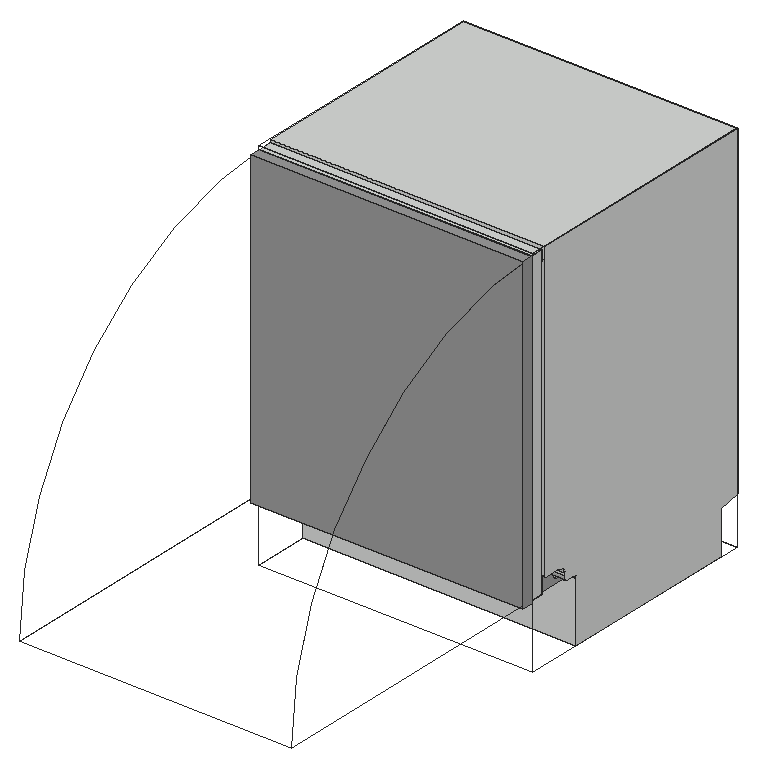
Revit family "DW24U2I3 DRAFT", category Specialty Equipment, Revit 2020
Family settings
  Round Connector Dimension = Use Diameter
  Part Type = Normal
  Work Plane-Based = Yes
  Always vertical = No
  Cut with Voids When Loaded = Yes
  Shared = No
  Room Calculation Point = No
Parameters (values of type "DW24U2I3")
  URL = "www.fisherpaykel.com"
  Product - Width = 598 mm
  Product - Minimum Height (820mm - 880mm) = 820 mm
  Product - Depth = 550.399 mm
  Model = "DW24U2I3"
  Manufacturer = "Fisher & Paykel Appliances"
  Description = "Series 7, Integrated Dishwasher"
  Default Elevation = 0 mm
  Cavity - Width = 600 mm
  Cavity - Minimum Height = 822 mm
  Cavity - Depth = 560 mm
Reference planes
  plane 1 "Center (Front/Back)": y = 0
  plane 2: z = 0
  plane 3 "Center (Left/Right)": x = 0
  plane 4 "Product - LHS": x = -299
  plane 5 "Product - RHS": x = 299
  plane 6 "Cavity - RHS": x = 300
  plane 7 "Cavity - LHS": x = -300
  plane 8 "Product - Depth": y = 550.399
  plane 9 "Cavity - Depth": y = 560
  plane 10 "Product - Height": z = 820
  plane 11 "Cavity - Height": z = 822
  plane 12: x = -297
  plane 13: x = 297
  plane 14: x = 283.35
  plane 15: x = -283.348
  plane 16: z = 133.9
Forms (mm)
  Extrusion 1, solid, not visible
    sketch origin (-149.236, 268.236, 0) x (0, 1, 0) y (1, 0, 0)
      loop
        line (-528.472, 298.472) -> (-528.472, 0) -> (0, 0) -> (0, 298.472) -> (-528.472, 298.472)
    from 0 to -4
  Extrusion 2, solid, not visible
    sketch origin (-149.236, 268.236, 4) x (0, 1, 0) y (-1, 0, 0)
      loop
        line (-86.236, -44.236) -> (-86.236, -229.236) -> (-46.236, -229.236) -> (-46.236, -44.236) -> (-86.236, -44.236)
      loop
        line (-60.236, -234.236) -> (-82.236, -234.236) -> (-82.236, -276.236) -> (-60.236, -276.236) -> (-60.236, -234.236)
    from 0 to -2.95
  Extrusion 3, solid, material "Fisher & Paykel - Steel Galvanized"
    sketch origin (0, 0, 1.153) x (0, 1, 0) y (0, 0, 1)
      loop
        line (33.136, 818.847) -> (33.136, 175.828)
        arc (33.136, 175.828) -> (35.471, 171.586) -> (40.009, 169.899) r 6.948
        line (40.009, 169.899) -> (73.309, 169.899)
        arc (73.309, 169.899) -> (83.414, 165.713) -> (87.599, 155.609) r 14.29
        line (87.599, 155.609) -> (87.599, 149.6)
        arc (87.599, 149.6) -> (90.733, 142.034) -> (98.299, 138.9) r 10.7
        line (98.299, 138.9) -> (112.488, 138.9)
        arc (112.488, 138.9) -> (117.453, 136.844) -> (119.51, 131.879) r 7.021
        line (119.51, 131.879) -> (119.51, 0) -> (515, 0) -> (515, 93.344) -> (560, 103.733) -> (560, 818.847) -> (33.136, 818.847)
    from -299 to 299
  Extrusion 4, solid, material "Fisher & Paykel - Steel Galvanized"
    sketch origin (0, 0, 1.153) x (0, 1, 0) y (0, 0, 1)
      loop
        line (0, 814.371) -> (0, 138.269) -> (28.696, 138.269) -> (28.696, 814.371) -> (0, 814.371)
    from -297 to 297
  Extrusion 5, solid, material "Default"
    sketch origin (283.35, -1524, 138.163) x (0, 0, 1) y (0, -1, 0)
      loop
        line (21.116, -1592.427) -> (32.889, -1592.427) -> (32.889, -1564.009)
        arc (32.889, -1564.009) -> (34.282, -1559.837) -> (37.901, -1557.336) r 6.948
        line (37.901, -1557.336) -> (37.901, -1552.696) -> (6.291, -1552.696)
        arc (6.291, -1552.696) -> (5.463, -1554.918) -> (3.304, -1555.899) r 3.09
        arc (3.304, -1555.899) -> (1.534, -1556.273) -> (0.001, -1557.234) r 5.18
        line (0.001, -1557.234) -> (-2.107, -1560.359)
        arc (-2.107, -1560.359) -> (-2.921, -1562.145) -> (-3.109, -1564.099) r 5.945
        line (-3.109, -1564.099) -> (-3.109, -1647.213)
        arc (-3.109, -1647.213) -> (0.504, -1644.678) -> (1.891, -1640.488) r 7.021
        line (1.891, -1640.488) -> (1.891, -1615.977) -> (4.058, -1613.809)
        arc (4.058, -1613.809) -> (5.054, -1612.503) -> (5.669, -1610.98) r 6.153
        line (5.669, -1610.98) -> (5.669, -1603.349) -> (21.116, -1592.427)
    from 1.281 to -1.259
  Extrusion 6, solid, material "Default"
    sketch origin (-283.348, -1524, 203.352) x (0, 0, -1) y (0, -1, 0)
      loop
        line (43.884, -1592.427) -> (59.331, -1603.349) -> (59.331, -1610.98)
        arc (59.331, -1610.98) -> (59.946, -1612.503) -> (60.942, -1613.809) r 6.153
        line (60.942, -1613.809) -> (63.109, -1615.977) -> (63.109, -1640.488)
        arc (63.109, -1640.488) -> (64.496, -1644.678) -> (68.109, -1647.213) r 7.021
        line (68.109, -1647.213) -> (68.109, -1564.099)
        arc (68.109, -1564.099) -> (67.921, -1562.145) -> (67.107, -1560.359) r 5.945
        line (67.107, -1560.359) -> (64.999, -1557.234)
        arc (64.999, -1557.234) -> (63.466, -1556.273) -> (61.696, -1555.899) r 5.18
        arc (61.696, -1555.899) -> (59.537, -1554.918) -> (58.709, -1552.696) r 3.09
        line (58.709, -1552.696) -> (27.099, -1552.696) -> (27.099, -1557.336)
        arc (27.099, -1557.336) -> (30.718, -1559.837) -> (32.111, -1564.009) r 6.948
        line (32.111, -1564.009) -> (32.111, -1592.427) -> (43.884, -1592.427)
    from 1.281 to -1.259
  Extrusion 7, solid, material "Fisher & Paykel - Steel Galvanized"
    sketch origin (0, 33.136, 176.982) x (0, 0, 1) y (-1, 0, 0)
      loop
        line (-0.728, -297.492) -> (617.389, -297.492) -> (617.389, 297.492) -> (-0.728, 297.492) -> (-0.728, -297.492)
    from 0 to 4.44
  Extrusion 8, solid
    sketch origin (-0.236, 123.6, 1.153) x (1, 0, 0) y (0, -1, 0)
      loop
        circle (249.706, -361.126) r 13.445
      loop
        circle (237.804, -20.313) r 13.445
      loop
        circle (-237.951, -20.313) r 13.445
      loop
        circle (-249.858, -361.284) r 13.445
    from 0 to 1.153
  Extrusion 9, solid, material "Oak, White"
    sketch origin (0, 0, 139.423) x (0, 0, 1) y (-1, 0, 0)
      loop
        line (676.101, 297.5) -> (-3.969, 297.5) -> (-3.969, -297.5) -> (676.101, -297.5) -> (676.101, 297.5)
    from 0 to 25
  Extrusion 10, solid, material "Fisher & Paykel - Clearance Required"
    sketch origin (0, 0, 0) x (1, 0, 0) y (0, 1, 0)
      loop
        line (-300, 560) -> (-300, 0) -> (300, 0) -> (300, 560) -> (-300, 560)
    from 0 to 822
  Extrusion 11, void
    sketch origin (0, 0, 0) x (1, 0, 0) y (0, 1, 0)
      loop
        line (-300, 560) -> (-300, 0) -> (300, 0) -> (300, 560) -> (-300, 560)
    from 0 to 822
  Extrusion 12, solid, material "Fisher & Paykel - Clearance Required"
    sketch origin (297.5, 4, 854.805) x (0, 0, -1) y (0, 1, 0)
      loop
        line (715.382, -659.549) -> (715.382, 24.696) -> (39.352, 24.696)
        arc (39.352, 24.696) -> (236.864, -456.242) -> (715.382, -659.549) r 684.295
    from 0 to -595
Dimensions and locks
  "Product - Width": plane 4 "Product - LHS" to plane 5 "Product - RHS"
  equal spacing: plane 4 "Product - LHS", plane 3 "Center (Left/Right)", plane 5 "Product - RHS"
  "Cavity - Width": plane 7 "Cavity - LHS" to plane 6 "Cavity - RHS"
  "Cavity - Depth": plane 9 "Cavity - Depth" to plane 1 "Center (Front/Back)"
  "Product - Depth": plane 8 "Product - Depth" to plane 1 "Center (Front/Back)"
  "Cavity - Minimum Height": plane 11 "Cavity - Height" to plane 2
  "Product - Minimum Height (820mm - 880mm)": plane 10 "Product - Height" to plane 2
  aligned and locked: level to plane 2
  aligned and locked: Extrusion 3 to plane 4 "Product - LHS"
  aligned and locked: plane 5 "Product - RHS" to Extrusion 3
  aligned and locked: plane 13 to Extrusion 4
  aligned and locked: Extrusion 4 to plane 12
  aligned and locked: Extrusion 7 to Extrusion 4
  aligned and locked: Extrusion 10 sketch curve to plane 7 "Cavity - LHS"
  aligned and locked: Extrusion 10 sketch curve to plane 9 "Cavity - Depth"
  aligned and locked: Extrusion 10 sketch curve to plane 6 "Cavity - RHS"
  aligned and locked: Extrusion 10 sketch curve to plane 1 "Center (Front/Back)"
  aligned and locked: plane 11 "Cavity - Height" to Extrusion 11
  aligned and locked: plane 11 "Cavity - Height" to Extrusion 10
  aligned and locked: Extrusion 3 sketch curve to plane 10 "Product - Height"
Automatic sketch dimensions
  Extrusion 2 sketch curve to Extrusion 1 = 86.236 mm
  Extrusion 2 sketch curve to Extrusion 2 sketch curve = 40 mm
  Extrusion 2 sketch curve to Extrusion 1 = 69.236 mm
  Extrusion 2 sketch curve to Extrusion 1 = 44.236 mm
  Extrusion 2 sketch curve to Extrusion 2 sketch curve = 4 mm
  Extrusion 2 sketch curve to Extrusion 2 sketch curve = 14 mm
  Extrusion 2 sketch curve to Extrusion 2 sketch curve = 5 mm
  Extrusion 2 sketch curve to Extrusion 1 = 22.236 mm
  Extrusion 1 sketch curve to Extrusion 1 sketch curve = 0 mm  (x3)
  Extrusion 1 sketch curve to Extrusion 1 sketch curve = 528.472 mm
  Extrusion 1 sketch curve to Extrusion 1 sketch curve = 298.472 mm  (x2)
  level to Extrusion 3 sketch curve = 1.153 mm
  plane 8 "Product - Depth" to Extrusion 3 sketch curve = 9.601 mm
  Extrusion 3 sketch curve to plane 8 "Product - Depth" = 35.399 mm
  Extrusion 3 sketch curve to plane 1 "Center (Front/Back)" = 119.51 mm
  Extrusion 3 sketch curve to plane 16 = 6.153 mm
  Extrusion 3 sketch curve to Extrusion 3 sketch curve = 7.021 mm
  Extrusion 3 sketch curve to Extrusion 3 sketch curve = 14.189 mm
  Extrusion 3 sketch curve to Extrusion 3 sketch curve = 10.7 mm
  Extrusion 3 sketch curve to Extrusion 3 sketch curve = 14.29 mm
  Extrusion 3 sketch curve to Extrusion 3 sketch curve = 33.3 mm
  Extrusion 3 sketch curve to plane 1 "Center (Front/Back)" = 33.136 mm
  plane 16 to Extrusion 3 sketch curve = 39.403 mm
  plane 16 to Extrusion 3 sketch curve = 29.014 mm
  Extrusion 3 sketch curve to Extrusion 3 sketch curve = 6.009 mm
  Extrusion 3 sketch curve to Extrusion 3 sketch curve = 5.93 mm
  Extrusion 4 sketch curve to plane 1 "Center (Front/Back)" = 0 mm
  Extrusion 4 sketch curve to plane 16 = 5.523 mm
  Extrusion 4 sketch curve to plane 1 "Center (Front/Back)" = 28.696 mm
  Extrusion 4 sketch curve to plane 10 "Product - Height" = 4.476 mm
  Extrusion 5 sketch curve to plane 16 = 1.153 mm
  plane 16 to Extrusion 5 sketch curve = 0.868 mm
  Extrusion 5 sketch curve to plane 16 = 2.155 mm
  Extrusion 5 sketch curve to plane 16 = 3.97 mm
  Extrusion 5 sketch curve to plane 16 = 4.264 mm
  Extrusion 5 sketch curve to plane 16 = 6.153 mm
  Extrusion 5 sketch curve to plane 16 = 7.084 mm
  Extrusion 5 sketch curve to Extrusion 5 sketch curve = 3.202 mm
  Extrusion 5 sketch curve to Extrusion 5 sketch curve = 0.653 mm
  Extrusion 5 sketch curve to Extrusion 5 sketch curve = 2.168 mm  (x2)
  Extrusion 5 sketch curve to Extrusion 5 sketch curve = 1.611 mm
  Extrusion 5 sketch curve to Extrusion 5 sketch curve = 0 mm  (x2)
  Extrusion 5 sketch curve to Extrusion 5 sketch curve = 3.088 mm
  Extrusion 5 sketch curve to Extrusion 5 sketch curve = 15.447 mm
  Extrusion 5 sketch curve to Extrusion 5 sketch curve = 11.773 mm
  Extrusion 5 sketch curve to Extrusion 5 sketch curve = 5.012 mm
  Extrusion 5 sketch curve to Extrusion 5 sketch curve = 1.937 mm
  Extrusion 5 sketch curve to plane 1 "Center (Front/Back)" = 123.213 mm
  Extrusion 5 sketch curve to Extrusion 5 sketch curve = 24.512 mm
  Extrusion 5 sketch curve to Extrusion 5 sketch curve = 2.828 mm
  Extrusion 5 sketch curve to Extrusion 5 sketch curve = 7.631 mm
  Extrusion 5 sketch curve to Extrusion 5 sketch curve = 10.922 mm
  Extrusion 5 sketch curve to Extrusion 5 sketch curve = 28.328 mm
  Extrusion 5 sketch curve to Extrusion 5 sketch curve = 28.418 mm
  Extrusion 5 sketch curve to Extrusion 5 sketch curve = 0.415 mm
  Extrusion 5 sketch curve to Extrusion 5 sketch curve = 2.608 mm
  Extrusion 5 sketch curve to Extrusion 5 sketch curve = 3.126 mm
  Extrusion 5 sketch curve to Extrusion 5 sketch curve = 4.423 mm
  Extrusion 5 sketch curve to Extrusion 5 sketch curve = 4.64 mm
  Extrusion 6 sketch curve to plane 16 = 44.29 mm
  Extrusion 6 sketch curve to Extrusion 6 sketch curve = 1.937 mm
  Extrusion 6 sketch curve to Extrusion 6 sketch curve = 6.948 mm
  Extrusion 6 sketch curve to Extrusion 6 sketch curve = 11.773 mm
  Extrusion 6 sketch curve to plane 16 = 10.743 mm
  Extrusion 6 sketch curve to plane 16 = 10.121 mm
  Extrusion 6 sketch curve to Extrusion 6 sketch curve = 0 mm  (x2)
  Extrusion 6 sketch curve to Extrusion 6 sketch curve = 1.611 mm
  Extrusion 6 sketch curve to plane 16 = 7.927 mm
  Extrusion 6 sketch curve to Extrusion 6 sketch curve = 3.088 mm
  Extrusion 6 sketch curve to Extrusion 6 sketch curve = 0.653 mm
  Extrusion 6 sketch curve to plane 16 = 6.343 mm
  Extrusion 6 sketch curve to plane 16 = 4.453 mm
  Extrusion 6 sketch curve to plane 16 = 4.159 mm
  Extrusion 6 sketch curve to plane 16 = 2.345 mm
  Extrusion 6 sketch curve to plane 16 = 1.343 mm
  plane 16 to Extrusion 6 sketch curve = 0.679 mm
  Extrusion 6 sketch curve to plane 1 "Center (Front/Back)" = 123.213 mm
  Extrusion 6 sketch curve to Extrusion 6 sketch curve = 24.512 mm
  Extrusion 6 sketch curve to Extrusion 6 sketch curve = 2.168 mm
  Extrusion 6 sketch curve to Extrusion 6 sketch curve = 2.828 mm
  Extrusion 6 sketch curve to Extrusion 6 sketch curve = 7.631 mm
  Extrusion 6 sketch curve to Extrusion 6 sketch curve = 10.922 mm
  Extrusion 6 sketch curve to Extrusion 6 sketch curve = 28.328 mm
  Extrusion 6 sketch curve to Extrusion 6 sketch curve = 28.418 mm
  Extrusion 6 sketch curve to Extrusion 6 sketch curve = 0.415 mm
  Extrusion 6 sketch curve to Extrusion 6 sketch curve = 2.608 mm
  Extrusion 6 sketch curve to Extrusion 6 sketch curve = 3.126 mm
  Extrusion 6 sketch curve to Extrusion 6 sketch curve = 4.423 mm
  Extrusion 6 sketch curve to Extrusion 6 sketch curve = 4.64 mm
  Extrusion 3 to Extrusion 7 sketch curve = 0.728 mm
  Extrusion 3 to Extrusion 7 sketch curve = 1.508 mm  (x2)
  Extrusion 3 to Extrusion 7 sketch curve = 25.629 mm
  Extrusion 8 sketch curve to plane 15 = 33.254 mm
  Extrusion 8 sketch curve to plane 15 = 45.161 mm
  Extrusion 8 sketch curve to plane 14 = 45.782 mm
  Extrusion 8 sketch curve to plane 14 = 33.88 mm
  Extrusion 8 sketch curve to plane 1 "Center (Front/Back)" = 143.913 mm  (x2)
  Extrusion 8 sketch curve to plane 8 "Product - Depth" = 65.673 mm
  Extrusion 8 sketch curve to plane 8 "Product - Depth" = 65.515 mm
  Extrusion 9 sketch curve to Extrusion 4 = 0 mm
  Extrusion 9 sketch curve to Extrusion 4 = 0.5 mm  (x2)
  Extrusion 4 to Extrusion 9 sketch curve = 3.969 mm
  Extrusion 11 sketch curve to plane 7 "Cavity - LHS" = 0 mm
  Extrusion 11 sketch curve to plane 6 "Cavity - RHS" = 0 mm
  Extrusion 11 sketch curve to plane 1 "Center (Front/Back)" = 0 mm
  plane 9 "Cavity - Depth" to Extrusion 11 sketch curve = 0 mm
  Extrusion 12 sketch curve to plane 11 "Cavity - Height" = 6.547 mm
  plane 16 to Extrusion 12 sketch curve = 2.742 mm
  Extrusion 12 sketch curve to plane 16 = 5.523 mm
  plane 1 "Center (Front/Back)" to Extrusion 12 sketch curve = 655.549 mm
  radius of Extrusion 8 sketch curve = 13.445 mm  (x4)
